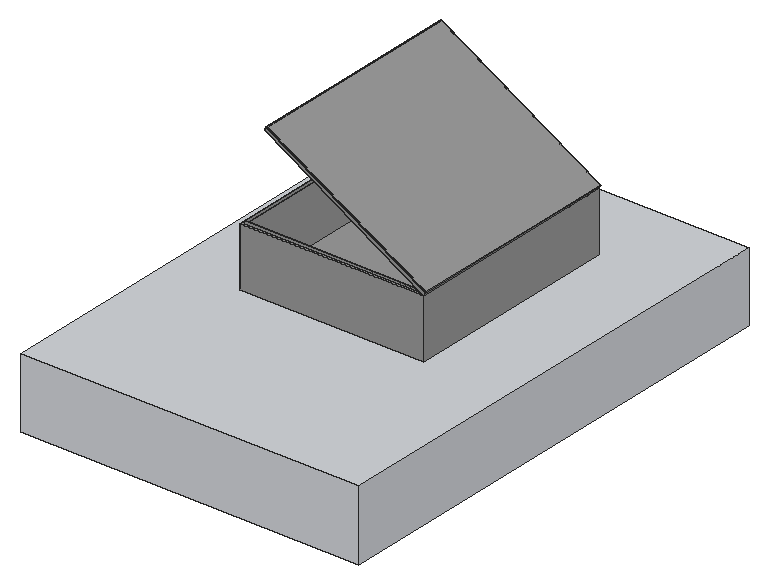
Revit family "Hager-Univers-IP55-D275-H950-Cl.II-Steel_encl-DE-de", category Equipement électrique, Revit 2020
Family settings
  Hôte = Face
  Configuration du panneau = Deux colonnes, circuits au sein
  Cote de connecteur circulaire = Utiliser le diamètre
  Type d'élément = Tableau de raccordement
  Couper avec des vides une fois chargée = Non
  Partagée = Non
  Point de calcul de pièce = Non
Parameters (values of type "Aufputz IP55 B800 H950 T275  - FR63S")
  Width Control [instance] = if([EF000008 - Breite] > Min Width, [EF000008 - Breite], Min Width)  # 800 mm
  Commentaires du type = [HG000003 - Bereich]  # "Univers"
  Thickness Door [instance] = if([EF009171 - Materialstärke Tür/Deckel] > 3 mm, 3 mm, [EF009171 - Materialstärke Tür/Deckel])  # 1.5 mm
  Seal Frame Offset [instance] = 17 mm  # constant formula
  Plinth Visibility [instance] = [HG000027 - Sockelhöhe] > 0 mm  # no
  Model = ""
  Min Width [instance] = 100 mm  # constant formula
  Min Height [instance] = 100 mm  # constant formula
  Min Depth [instance] = (2 * [EF009170 - Materialstärke Gehäuse]) + 1 mm  # 4 mm
  Internal Frame Depth [instance] = (Door System Depth * 0.5)  # 9 mm
  Height Control [instance] = if([EF000040 - Höhe] > Min Height, [EF000040 - Höhe], Min Height)  # 950 mm
  HG000027 - Sockelhöhe = 0 mm
  HG000026 - Stehend auf dem Boden = no
  HG000024 - Höhe des unteren Teils = 800 mm
  HG000023 - Gehäuse mit doppeltem Querschnitt = no
  HG000016 - 3D-Türsichtbarkeit [instance] = yes
  HG000015 - Sichtbarkeit der Türöffnung [instance] = no
  HG000014 - Tür rechts [instance] = yes
  HG000013 - Tür links [instance] = not([HG000014 - Tür rechts])  # no
  HG000012 - Türschwenkwinkel [instance] = 30.00°
  HG000010 - Asymmetrische Türen = no
  HG000009 - Doppelflügeligen Tür = no
  HG000006 - Unterputz = no
  HG000004 - Herstellerreferenz = "FR63S"
  HG000003 - Bereich = "Univers"
  HG000002 - Mit tür = yes
  Frame Offset Bottom [instance] = 10 mm  # constant formula
  Frame Offset [instance] = 15 mm  # constant formula
  EF015940 - Deckel mit Überdruckentlastung = no
  EF011959 - Schutzart (NEMA) = ""
  EF009554 - Anzahl der Öffnungen für Flanschplatten = 6
  Fabricant = "Hager"  # constant formula
  EF009212 - Ausführung Deckel = "EV000116 - geschlossen"
  EF009171 - Materialstärke Tür/Deckel = 1.5 mm
  EF009170 - Materialstärke Gehäuse = 1.5 mm
  EF008873 - Nennstrom (In) = 800 A
  EF007800 - Geeignet für Blitzschutz = no
  EF006306 - Mit Schloss = no
  EF006244 - Transparenter Deckel/Tür = no
  EF005474 - Schutzart (IP) = "EV006420 - IP55"
  EF004464 - Art der Tür = "EV002646 - Einzel"
  EF004427 - Anzahl der Module = 216
  EF004293 - Schlagfestigkeit = "EV008784 - IK10"
  EF003532 - Geeignet für Außengebrauch = no
  EF002950 - Breite in Teilungseinheiten = 24
  EF001613 - Funktionserhalt = "EV000494 - ohne"
  EF001596 - Werkstoff des Gehäuses = "EV000179 - Stahl"
  EF001131 - Innentiefe = 275 mm
  EF001088 - Anbaumöglichkeit = yes
  EF000437 - Anzahl der Leitungseinführungen = 6
  EF000339 - Art der Abdeckung = "EV004216 - Tür"
  EF000266 - Anzahl der Reihen = 6
  EF000218 - Einbautiefe = 0 mm
  EF000118 - Mit Montageplatte = no
  EF000116 - RAL-Nummer = "7035"
  EF000049 - Tiefe = 275 mm
  EF000040 - Höhe = 950 mm
  EF000008 - Breite = 800 mm
  EF000007 - Farbe = "EV000270 - grau"
  EF000003 - Montageart = "EV000384 - Aufputz"
  Door System Leaf Tolerance [instance] = 1.5 mm  # constant formula
  Door System Depth [instance] = 18 mm  # constant formula
  Door Height [instance] = Height Control - [HG000027 - Sockelhöhe]  # 950 mm
  Depth Control [instance] = if([EF000049 - Tiefe] > Min Depth, [EF000049 - Tiefe], Min Depth)  # 275 mm
  Default Elevation = 0 mm
  Connector Offset [instance] = Height Control / 2  # 475 mm
  Bottom Top Plate Trim [instance] = 1.5 mm  # constant formula
  Plinth height Ctrl [instance] = if([HG000027 - Sockelhöhe] > 0 mm, [HG000027 - Sockelhöhe], 12 mm)  # 12 mm
Types (5, lengths in mm): name | Width Control | HG000010 - Asymmetrische Türen | HG000009 - Doppelflügeligen Tür | HG000004 - Herstellerreferenz | EF009554 - Anzahl der Öffnungen für Flanschplatten | EF004464 - Art der Tür | EF004427 - Anzahl der Module | EF000437 - Anzahl der Leitungseinführungen | EF000008 - Breite
  Aufputz IP55 B1050 H950 T275  - FR64S | 1050 | no | yes | "FR64S" | 8 | "EV003602 - Doppel" | 288 | 8 | 1050
  Aufputz IP55 B1300 H950 T275  - FR65S | 1300 | yes | yes | "FR65S" | 10 | "EV003602 - Doppel" | 360 | 10 | 1300
  Aufputz IP55 B300 H950 T275  - FR61S | 300 | no | no | "FR61S" | 2 | "EV002646 - Einzel" | 72 | 2 | 300
  Aufputz IP55 B550 H950 T275  - FR62S | 550 | no | no | "FR62S" | 4 | "EV002646 - Einzel" | 144 | 4 | 550
  Aufputz IP55 B800 H950 T275  - FR63S | 800 | no | no | "FR63S" | 6 | "EV002646 - Einzel" | 216 | 6 | 800
Reference planes
  plane 1 "Center (Front/Back)": y = 0
  plane 2: z = 0
  plane 3 "Center (Left/Right)": x = 0
  plane 4: z = 275
  plane 5: y = 1.5
  plane 6: y = 475
  plane 7: y = 0
  plane 8: y = 950
  plane 9: z = 0
  plane 10: x = -385
  plane 11: x = 385
  plane 12: x = 383.5
  plane 13: x = -383.5
  plane 14: y = 948.5
  plane 15: x = -383
  plane 16: x = -400
  plane 17: x = 383
  plane 18: x = 400
  plane 19: x = 398.5
  plane 20: x = -398.5
  plane 21: y = 11.5
  plane 22: y = 950
  plane 23: y = 933.5
  plane 24: z = 257
  plane 25: z = 1.5
  plane 26: z = 255.5
  plane 27: z = 273.5
Forms (mm)
  Extrusion 1, solid
    sketch origin (0, 0, 0) x (1, 0, 0) y (0, 1, 0)
      loop
        line (-702.964, 1305) -> (-702.964, -811.445) -> (766.763, -811.445) -> (766.763, 1305) -> (-702.964, 1305)
    from 0 to -304.8
  Extrusion 2, solid, material "Hager_Steel_RAL7035_Light_Grey", visible <- "Plinth Visibility", detail levels medium+fine
    sketch origin (0, 0, 0) x (1, 0, 0) y (0, 1, 0)
      loop
        line (-400, 0) -> (400, 0) -> (400, 12) -> (-400, 12) -> (-400, 0)
    from 0 to 257
  Extrusion 3, solid, material "Hager_Steel_RAL7035_Light_Grey", detail levels medium+fine
    sketch origin (0, 0, 0) x (1, 0, 0) y (0, 1, 0)
      loop
        line (-400, 0) -> (400, 0) -> (400, 950) -> (-400, 950) -> (-400, 0)
    from 0 to 257
  Extrusion 4, void
    sketch origin (0, 0, 0) x (1, 0, 0) y (0, 1, 0)
      loop
        line (-398.5, 1.5) -> (398.5, 1.5) -> (398.5, 948.5) -> (-398.5, 948.5) -> (-398.5, 1.5)
    from 1.5 to 255.5
  Extrusion 5, void
    sketch origin (-381.607, -4572, 257) x (0, -1, 0) y (-1, 0, 0)
      loop
        line (-4583.5, 1.893) -> (-5505.5, 1.893) -> (-5505.5, -765.107) -> (-4583.5, -765.107) -> (-4583.5, 1.893)
    from 0 to 1.5 <- "EF009170 - Materialstärke Gehäuse"
  Extrusion 6, solid, material "Hager_Steel_RAL7035_Light_Grey", detail levels fine
    sketch origin (0, 0, 257) x (1, 0, 0) y (0, 1, 0)
      loop
        line (-383.5, 933.5) -> (-383.5, 11.5) -> (383.5, 11.5) -> (383.5, 933.5) -> (-383.5, 933.5)
      loop
        line (-385, 10) -> (385, 10) -> (385, 935) -> (-385, 935) -> (-385, 10)
    from 0 to 9 <- "Internal Frame Depth"
  Extrusion 7, solid, material "Hager_Steel_RAL7035_Light_Grey", detail levels coarse
    sketch origin (0, 0, 0) x (1, 0, 0) y (0, 1, 0)
      loop
        line (-400, 0) -> (400, 0) -> (400, 950) -> (-400, 950) -> (-400, 0)
    from 0 to 275
  Sweep 8, void
    path in 3D
      loop
        line (-400, 12, 0) -> (400, 12, 0) -> (400, 12, 257) -> (-400, 12, 257) -> (-400, 12, 0)
    profile origin (-400, 12, 128.5) x (-1, 0, 0) y (0, -1, 0)
      loop
        line (0, 0) -> (0, 1.5) -> (-1.5, 1.5)
        arc (-1.5, 1.5) -> (-1.061, 0.439) -> (0, 0) r 1.5
Cuts and joins
  Extrusion 4, Extrusion 5 cuts Extrusion 3
  Sweep 8 cuts Extrusion 2
Lines and regions (mm)
  Masking region 1
    outline origin (0, 0, 0) x (1, 0, 0) y (0, 0, 1)
      loop
        line (-400, 275) -> (-400, 0) -> (400, 0) -> (400, 275) -> (-400, 275)
  Masking region 2, detail levels medium+fine
    outline origin (0, 140, 0) x (0, 1, 0) y (0, 0, 1)
      loop
        line (-140, 0) -> (810, 0) -> (810, 257) -> (-140, 257) -> (-140, 0)
  Masking region 3, not visible, detail levels medium+fine
    outline origin (0, 297.922, 0) x (0, 1, 0) y (0, 0, 1)
      loop
        line (188.578, 0) -> (228.578, 0) -> (228.578, 263.5)
        arc (228.578, 263.5) -> (225.649, 270.571) -> (218.578, 273.5) r 10
        line (218.578, 273.5) -> (188.578, 273.5) -> (188.578, 0)
  Masking region 4, detail levels coarse
    outline origin (0, 0, 180) x (0, 1, 0) y (0, 0, 1)
      loop
        line (0, -180) -> (950, -180) -> (950, 95) -> (0, 95) -> (0, -180)
  Masking region 5, visible <- "Plinth Visibility", detail levels medium+fine
    outline origin (0, 52.24, 12.345) x (0, 0, -1) y (0, 1, 0)
      loop
        line (10.845, -40.24) -> (-243.155, -40.24)
        arc (-243.155, -40.24) -> (-243.594, -41.301) -> (-244.655, -41.74) r 1.5
        line (-244.655, -41.74) -> (-244.655, -52.24) -> (12.345, -52.24) -> (12.345, -41.74)
        arc (12.345, -41.74) -> (11.285, -41.301) -> (10.845, -40.24) r 1.5
  Masking region 6, detail levels medium+fine
    outline origin (-381.607, -4572, 257) x (-1, 0, 0) y (0, -1, 0)
      loop
        line (18.393, -5522) -> (18.393, -4572) -> (-781.607, -4572) -> (-781.607, -5522) -> (18.393, -5522)
  Masking region 7, visible <- "Plinth Visibility", detail levels medium+fine
    outline origin (-381.607, -4727, 257) x (-1, 0, 0) y (0, -1, 0)
      loop
        arc (16.893, -4739) -> (17.332, -4737.939) -> (18.393, -4737.5) r 1.5
        line (18.393, -4737.5) -> (18.393, -4727) -> (-781.607, -4727) -> (-781.607, -4737.5)
        arc (-781.607, -4737.5) -> (-780.546, -4737.939) -> (-780.107, -4739) r 1.5
        line (-780.107, -4739) -> (16.893, -4739)
  Masking region 8, detail levels coarse
    outline origin (-442.548, -4669.526, 257) x (-1, 0, 0) y (0, -1, 0)
      loop
        line (-42.548, -5619.526) -> (-42.548, -4669.526) -> (-842.548, -4669.526) -> (-842.548, -5619.526) -> (-42.548, -5619.526)
  sketch lines
    curve 1: line (-400, 12, 257) -> (-400, 12, 0)
    curve 2: line (400, 12, 257) -> (-400, 12, 257)
    curve 3: line (400, 12, 257) -> (400, 12, 0)
    curve 4: line (-400, 12, 0) -> (400, 12, 0)
Dimensions and locks
  "Depth Control": plane 4 to Extrusion 1
  "HG000027 - Sockelhöhe": plane 1 "Center (Front/Back)" to plane 7
  "EF009170 - Materialstärke Gehäuse": plane 5 to plane 7
  locked: connector elem to plane 3 "Center (Left/Right)"
  equal spacing: plane 8, plane 6, plane 7
  locked: connector elem to plane 6
  "EF009170 - Materialstärke Gehäuse": plane 8 to plane 14
  "EF009170 - Materialstärke Gehäuse": plane 10 to plane 13
  "EF009170 - Materialstärke Gehäuse": plane 12 to plane 11
  "Frame Offset": plane 20 to plane 13
  "Frame Offset": plane 12 to plane 19
  "EF009170 - Materialstärke Gehäuse": plane 16 to plane 20
  "EF009170 - Materialstärke Gehäuse": plane 19 to plane 18
  "Seal Frame Offset": plane 16 to plane 15
  "Seal Frame Offset": plane 17 to plane 18
  "Frame Offset Bottom": plane 21 to plane 5
  "Frame Offset": plane 14 to plane 23
  equal spacing: plane 16, plane 3 "Center (Left/Right)", plane 18
  "Width Control": plane 16 to plane 18
  "EF009170 - Materialstärke Gehäuse": plane 4 to plane 27
  "EF009170 - Materialstärke Gehäuse": plane 24 to plane 26
  "EF009170 - Materialstärke Gehäuse": plane 25 to level
  "Door System Depth": plane 4 to plane 24
  "Height Control": plane 1 "Center (Front/Back)" to Extrusion 7 sketch curve
  "Height Control": Masking region 4 sketch curve to plane 1 "Center (Front/Back)"
  "Height Control": plane 1 "Center (Front/Back)" to plane 22
  "Bottom Top Plate Trim": profile plane to Sweep 8 sketch curve
  "Bottom Top Plate Trim": Sweep 8 sketch curve to profile plane
  "Plinth height Ctrl": plane 1 "Center (Front/Back)" to Extrusion 2 sketch curve
  "Plinth height Ctrl": Masking region 5 sketch curve to plane 1 "Center (Front/Back)"
  "Plinth height Ctrl": plane 1 "Center (Front/Back)" to Masking region 7 sketch curve
  "Thickness Door": Extrusion 6 sketch curve to Extrusion 6 sketch curve  (x3)
  "Thickness Door": cut or joined group of Extrusion 3, Extrusion 4, Extrusion 5 to Extrusion 6 sketch curve
  radius of Masking region 3 sketch curve = 10 mm
  "Bottom Top Plate Trim": radius of Masking region 5 sketch curve  (x2)
  "Bottom Top Plate Trim": radius of Sweep 8 sketch curve
  "Bottom Top Plate Trim": radius of Masking region 7 sketch curve  (x2)
  aligned and locked: plane 2 to Extrusion 1
  aligned and locked: level to Extrusion 1
  aligned and locked: level to Masking region 1 sketch curve
  aligned and locked: Masking region 1 sketch curve to plane 18
  aligned and locked: Masking region 1 sketch curve to plane 16
  aligned and locked: plane 7 to Masking region 2 sketch curve
  aligned and locked: level to Masking region 3 sketch curve
  aligned and locked: Masking region 3 sketch curve to plane 27
  aligned and locked: level to Masking region 2 sketch curve
  aligned and locked: plane 1 "Center (Front/Back)" to Extrusion 2 sketch curve
  aligned and locked: Extrusion 3 sketch curve to plane 7
  aligned and locked: plane 16 to Extrusion 3 sketch curve
  aligned and locked: plane 18 to Extrusion 3 sketch curve
  aligned and locked: plane 20 to Extrusion 4 sketch curve
  aligned and locked: plane 19 to Extrusion 4 sketch curve
  aligned and locked: Extrusion 4 sketch curve to plane 5
  aligned and locked: Extrusion 4 to plane 25
  aligned and locked: plane 26 to Extrusion 4
  aligned and locked: plane 24 to Extrusion 3
  aligned and locked: Extrusion 5 sketch curve to plane 21
  aligned and locked: Extrusion 5 sketch curve to plane 13
  aligned and locked: Extrusion 5 sketch curve to plane 12
  aligned and locked: plane 18 to Extrusion 7 sketch curve
  aligned and locked: plane 1 "Center (Front/Back)" to Extrusion 7 sketch curve
  aligned and locked: plane 16 to Extrusion 7 sketch curve
  aligned and locked: plane 4 to Extrusion 7
  aligned and locked: Extrusion 7 to level
  aligned and locked: level to Masking region 4 sketch curve
  aligned and locked: Masking region 4 sketch curve to plane 1 "Center (Front/Back)"
  aligned and locked: Masking region 4 sketch curve to plane 4
  aligned and locked: nested 1 to level
  aligned and locked: nested 1 to plane 16
  aligned and locked: plane 8 to Extrusion 3 sketch curve
  aligned and locked: plane 23 to Extrusion 5 sketch curve
  aligned and locked: plane 14 to Extrusion 4 sketch curve
  aligned and locked: Masking region 2 sketch curve to plane 8
  aligned and locked: level to Masking region 5 sketch curve
  aligned and locked: plane 16 to Extrusion 2 sketch curve
  aligned and locked: plane 18 to Extrusion 2 sketch curve
  aligned and locked: Masking region 5 sketch curve to plane 24
  aligned and locked: Masking region 2 sketch curve to plane 24
  aligned and locked: plane 24 to Extrusion 2
  aligned and locked: profile plane to Sweep 8 sketch curve  (x2)
  aligned and locked: Masking region 6 sketch curve to plane 18
  aligned and locked: Masking region 6 sketch curve to plane 22
  aligned and locked: Masking region 6 sketch curve to plane 16
  aligned and locked: plane 8 to plane 22
  aligned and locked: Masking region 6 sketch curve to plane 7
  aligned and locked: Masking region 7 sketch curve to plane 16
  aligned and locked: Masking region 7 sketch curve to plane 1 "Center (Front/Back)"
  aligned and locked: Masking region 7 sketch curve to plane 18
  aligned and locked: Masking region 8 sketch curve to plane 1 "Center (Front/Back)"
  aligned and locked: Masking region 8 sketch curve to plane 18
  aligned and locked: Masking region 8 sketch curve to plane 22
  aligned and locked: Masking region 8 sketch curve to plane 16
  aligned and locked: nested 2 to plane 7
  aligned and locked: plane 3 "Center (Left/Right)" to nested 2
  aligned and locked: nested 2 to plane 24
  aligned and locked: Extrusion 6 sketch curve to cut or joined group of Extrusion 3, Extrusion 4, Extrusion 5  (x4)
Automatic sketch dimensions
  Extrusion 1 sketch curve to Extrusion 1 sketch curve = 1469.727 mm
  Extrusion 1 sketch curve to Extrusion 1 sketch curve = 2116.445 mm
  Masking region 1 sketch curve to plane 4 = 0 mm
  plane 6 to Masking region 3 sketch curve = 11.5 mm
  Masking region 3 sketch curve to Masking region 3 sketch curve = 30 mm
  Masking region 5 sketch curve to plane 1 "Center (Front/Back)" = 0 mm
Nested families
  nested 1: "Hager_Enclosure_Symbol" at (-400, 0, 0) x (1, 0, 0) z (0, -1, 0), Height <- "Depth Control", Width <- "Width Control", type "Hager_Enclosure_Symbol"
    with Width_Ctrl 800 mm, Width 800 mm, Height_Ctrl 275 mm, Height 275 mm, A_Width_Int 18.047 mm, A_Width 216.562 mm, A_Height_Ctrl 240.625 mm, A_Height 240.625 mm
  nested 2: "EC000058_Univers_Door" at (0, 0, 257) x (1, 0, 0) z (0, 1, 0), Leaf_Tolerance <- "Door System Leaf Tolerance", Angle <- "HG000012 - Türschwenkwinkel", Door_Depth <- "Door System Depth", Door_Left <- "HG000013 - Tür links", Transparent <- "EF006244 - Transparenter Deckel/Tür", Assymetrical <- "HG000010 - Asymmetrische Türen", Width <- "Width Control", Clearance <- "HG000015 - Sichtbarkeit der Türöffnung", Double <- "HG000009 - Doppelflügeligen Tür", 3d_Door <- "HG000016 - 3D-Türsichtbarkeit", Lock_Visibility <- "EF006306 - Mit Schloss", Width_Ctrl <- "Width Control", Door_Right <- "HG000014 - Tür rechts", Door <- "HG000002 - Mit tür", Height <- "Door Height", Thickness <- "Thickness Door", type "EC000058_Univers_Door", detail levels medium+fine
    with min_wh 4 mm, Width_Ctrl 800 mm, Width 800 mm, Transparent no, Thickness 1.5 mm, Seal_Material Hager_Rubber, Lock_Visibility no, Lock_Material Hager_Plastic_RAL9005_Jet_Black, Leaf_Width 800 mm, Leaf_Tolerance_External_Sides 0 mm, Leaf_Tolerance 1.5 mm, Leaf_Offset 0 mm, Leaf_Height 947 mm, Leaf_2_Width 800 mm, Leaf_2_Offset 400 mm, Leaf_1_Width 800 mm, Leaf_1_Offset 400 mm, Height_Ctrl 950 mm, Height 950 mm, Glass_Material Hager_Glass, Double_Clearance_Ctrl no, Double no, Door_Right_Ctrl yes, Door_Right yes, Door_Material Hager_Steel_RAL7035_Light_Grey, Door_Left_Ctrl no, Door_Left no, Door_Depth 18 mm, Door yes, Clearance_Material Hager_Clearance, Clearance_Depth 800 mm, Clearance_Ctrl no, Clearance no, Assymetrical no, Angle 30.00°, 3d_Door yes
Connectors
  electrical at (0, 475, 0)
    settings: on plane 9, index 1, voltage 0 V, apparent load 0 VA, apparent load phase1 0 VA, apparent load phase2 0 VA, apparent load phase3 0 VA, power factor 1, load classification "Other", number of poles 1, system type 30, power factor state 1, is connector primary yes, connector utility no, sub classification motor no, connector description ""
Definition of nested family "EC000058_Univers_Door"
  Parameters (values of type "EC000058_Univers_Door")
    min_wh [instance] = (2 * Thickness) + 1 mm  # 11 mm
    Width_Ctrl [instance] = 400 mm
    Width [instance] = 500 mm
    Transparent [instance] = yes
    Thickness [instance] = 5 mm
    Seal_Material [instance] = none
    Lock_Visibility [instance] = yes
    Lock_Material [instance] = none
    Leaf_Width [instance] = if((Width_Ctrl - 2 * Leaf_Tolerance_External_Sides) > 0 mm, (Width_Ctrl - 2 * Leaf_Tolerance_External_Sides), min_wh)  # 400 mm
    Leaf_Tolerance_External_Sides [instance] = 0 mm  # constant formula
    Leaf_Tolerance [instance] = 1.5 mm
    Leaf_Offset [instance] = 0 mm  # constant formula
    Leaf_Height [instance] = if((Height_Ctrl - 2 * Leaf_Tolerance) > 0 mm, (Height_Ctrl - 2 * Leaf_Tolerance), min_wh)  # 497 mm
    Leaf_2_Width [instance] = if(and(and(Double, Assymetrical), Door_Left), (Leaf_Width / 3) - (Leaf_Tolerance / 2), if(and(and(Double, Assymetrical), Door_Right), (Leaf_Width / 3) * 2 - (Leaf_Tolerance / 2), if(and(Double, not(Assymetrical)), (Leaf_Width / 2) - Leaf_Tolerance, Leaf_Width)))  # 400 mm
    Leaf_2_Offset [instance] = if(and(Double, Assymetrical), Leaf_2_Width / 2, if(and(Double, not(Assymetrical)), Leaf_Width / 4, Leaf_Width / 2))  # 200 mm
    Leaf_1_Width [instance] = if(and(and(Double, Assymetrical), Door_Right), (Leaf_Width / 3) - (Leaf_Tolerance / 2), if(and(and(Double, Assymetrical), Door_Left), (Width / 3) * 2 - (Leaf_Tolerance / 2), if(and(Double, not(Assymetrical)), (Leaf_Width / 2) - Leaf_Tolerance, Leaf_Width)))  # 400 mm
    Leaf_1_Offset [instance] = if(and(Double, Assymetrical), Leaf_1_Width / 2, if(and(Double, not(Assymetrical)), Leaf_Width / 4, Leaf_Width / 2))  # 200 mm
    Height_Ctrl [instance] = if(Height > min_wh, Height, min_wh)  # 500 mm
    Height [instance] = 500 mm
    Glass_Material [instance] = none
    Double_Clearance_Ctrl [instance] = and(Double, Clearance)  # no
    Double [instance] = no
    Door_Right_Ctrl [instance] = and(or(Door_Right, Double), Door)  # yes
    Door_Right [instance] = yes
    Door_Material [instance] = none
    Door_Left_Ctrl [instance] = and(or(Door_Left, Double), Door)  # no
    Door_Left [instance] = no
    Door_Depth [instance] = 30 mm
    Door [instance] = yes
    Default Elevation = 1219.2 mm
    Clearance_Material [instance] = none
    Clearance_Depth [instance] = if(Leaf_1_Width > Leaf_2_Width, Leaf_1_Width, Leaf_2_Width)  # 400 mm
    Clearance_Ctrl [instance] = and(not(Double), Clearance)  # yes
    Clearance [instance] = yes
    Assymetrical [instance] = yes
    Angle [instance] = 30.00°
    3d_Door [instance] = yes
  Reference planes
    plane 1 "Center (Front/Back)": y = 0
    plane 2 "Bottom": z = 0
    plane 3 "Center (Left/Right)": x = 0
    plane 4: z = 500
    plane 5: x = -200
    plane 6: x = 200
    plane 7: z = 500
    plane 8: x = -200
    plane 9: z = 0
    plane 10: x = 200
    plane 11: y = 0
    plane 12: z = 1.5
    plane 13: x = -600
    plane 14: y = -400
    plane 15: x = 600
    plane 16: x = 0
    plane 17: x = 0
    plane 18: x = -200
    plane 19: x = 200
    plane 20: z = 498.5
  Forms (mm)
    Extrusion 1, solid, material <- "Clearance_Material", visible <- "Double_Clearance_Ctrl"
      sketch origin (1200, 0, 0) x (1, 0, 0) y (0, 0, -1)
        loop
          line (-1800, -498.5) -> (-600, -498.5) -> (-600, 0) -> (-1800, 0) -> (-1800, -498.5)
      from 0 to -400
  Dimensions and locks
    equal spacing: plane 5, plane 3 "Center (Left/Right)", plane 6
    "Width_Ctrl": plane 5 to plane 6
    "Leaf_Offset": plane 5 to plane 8
    "Leaf_Offset": plane 6 to plane 10
    "Leaf_Offset": plane 9 to level
    "Leaf_Offset": plane 4 to plane 7
    "Height_Ctrl": plane 4 to level
    "Leaf_Tolerance": plane 12 to plane 9
    locked: plane 11 to plane 1 "Center (Front/Back)"
    "Leaf_1_Offset": plane 18 to plane 16
    "Leaf_2_Offset": plane 17 to plane 19
    "Leaf_1_Width": plane 13 to plane 8
    "Leaf_2_Width": plane 10 to plane 15
    "Clearance_Depth": plane 14 to plane 1 "Center (Front/Back)"
    "Leaf_Tolerance_External_Sides": plane 8 to plane 18
    "Leaf_Tolerance_External_Sides": plane 19 to plane 10
    "Leaf_Tolerance": plane 7 to plane 20
    aligned and locked: level to plane 2 "Bottom"
    aligned and locked: nested 1 to plane 16
    aligned and locked: nested 2 to plane 17
    aligned and locked: Extrusion 1 to plane 13
    aligned and locked: plane 15 to Extrusion 1
    aligned and locked: Extrusion 1 to plane 14
    aligned and locked: plane 12 to nested 1
    aligned and locked: nested 2 to plane 12
    aligned and locked: Extrusion 1 to plane 11
    aligned and locked: plane 20 to Extrusion 1
    aligned and locked: nested 2 to plane 11
    aligned and locked: nested 1 to plane 11
  Automatic sketch dimensions
    Extrusion 1 sketch curve to level = 0 mm
    plane 5 to Extrusion 1 sketch curve = 400 mm
    plane 6 to Extrusion 1 sketch curve = 400 mm
    Extrusion 1 sketch curve to plane 4 = 1.5 mm
  Nested families
    nested 1: "EC000058_Univers_Door_Leaf" at (0, 0, 1.5), Width <- "Leaf_1_Width", visible <- "Door_Left_Ctrl", Leaf_Height <- "Leaf_Height", Angle <- "Angle", 3d_Door <- "3d_Door", Transparent <- "Transparent", Clearance Material <- "Clearance_Material", Clearance <- "Clearance_Ctrl", Door_Material <- "Door_Material", Glass_Material <- "Glass_Material", Door_Depth <- "Door_Depth", Lock_Material <- "Lock_Material", Seal_Material <- "Seal_Material", Lock_Visibility <- "Lock_Visibility", Thickness <- "Thickness", type "EC000058_Univers_Door_Leaf"
      with Width 400 mm, Transparent_Glass_Offset 30 mm, Transparent_Ctrl yes, Transparent yes, Thickness 5 mm, Standard no, Seal_Material none, Seal_D2 8 mm, Seal_D1 1 mm, Offset_Internal_Frame 10 mm, Lock_Width 20 mm, Lock_Visibility_3d yes, Lock_Visibility yes, Lock_Thickness_3 3 mm, Lock_Thickness_2 1 mm, Lock_Thickness_1 3 mm, Lock_Radius_Offset_2 16 mm, Lock_Radius_Offset_1 15 mm, Lock_Radius_2 5 mm, Lock_Radius 6 mm, Lock_Offset 5 mm, Lock_Material none, Lock_Height 80 mm, Lock_Cover_Top_Offset_2d 17 mm, Lock_Cover_Height -65 mm, Leaf_Height 497 mm, Internal_Seal_Thickness 8 mm, Internal_Seal_Depth_2 4.5 mm, Internal_Frame_Depth 25 mm, Glass_Thickness -1 mm, Glass_Offset -2 mm, Glass_Material none, Door_Material none, Door_Depth 30 mm, Clearance Material none, Clearance yes, Angle_Ctrl 30.00°, Angle 30.00°, 3d_Door yes
    nested 2: "EC000058_Univers_Door_Leaf" at (0, 0, 1.5) x (-1, 0, 0) z (0, 0, 1), Width <- "Leaf_2_Width", visible <- "Door_Right_Ctrl", Leaf_Height <- "Leaf_Height", Angle <- "Angle", 3d_Door <- "3d_Door", Transparent <- "Transparent", Clearance Material <- "Clearance_Material", Clearance <- "Clearance_Ctrl", Door_Material <- "Door_Material", Glass_Material <- "Glass_Material", Door_Depth <- "Door_Depth", Lock_Material <- "Lock_Material", Seal_Material <- "Seal_Material", Lock_Visibility <- "Lock_Visibility", Thickness <- "Thickness", type "EC000058_Univers_Door_Leaf"
      with Width 400 mm, Transparent_Glass_Offset 30 mm, Transparent_Ctrl yes, Transparent yes, Thickness 5 mm, Standard no, Seal_Material none, Seal_D2 8 mm, Seal_D1 1 mm, Offset_Internal_Frame 10 mm, Lock_Width 20 mm, Lock_Visibility_3d yes, Lock_Visibility yes, Lock_Thickness_3 3 mm, Lock_Thickness_2 1 mm, Lock_Thickness_1 3 mm, Lock_Radius_Offset_2 16 mm, Lock_Radius_Offset_1 15 mm, Lock_Radius_2 5 mm, Lock_Radius 6 mm, Lock_Offset 5 mm, Lock_Material none, Lock_Height 80 mm, Lock_Cover_Top_Offset_2d 17 mm, Lock_Cover_Height -65 mm, Leaf_Height 497 mm, Internal_Seal_Thickness 8 mm, Internal_Seal_Depth_2 4.5 mm, Internal_Frame_Depth 25 mm, Glass_Thickness -1 mm, Glass_Offset -2 mm, Glass_Material none, Door_Material none, Door_Depth 30 mm, Clearance Material none, Clearance yes, Angle_Ctrl 30.00°, Angle 30.00°, 3d_Door yes
  Definition of nested family "EC000058_Univers_Door_Leaf"
    Parameters (values of type "EC000058_Univers_Door_Leaf")
      Width [instance] = 2000 mm
      Transparent_Glass_Offset [instance] = 30 mm
      Transparent_Ctrl [instance] = and(Transparent, [3d_Door])  # yes
      Transparent [instance] = yes
      Thickness [instance] = 5 mm
      Standard [instance] = and(not(Transparent), [3d_Door])  # no
      Seal_Material [instance] = none
      Seal_D2 [instance] = 8 mm  # constant formula
      Seal_D1 [instance] = 1 mm  # constant formula
      Offset_Internal_Frame [instance] = 10 mm  # constant formula
      Lock_Width [instance] = 20 mm  # constant formula
      Lock_Visibility_3d [instance] = and(Lock_Visibility, [3d_Door])  # yes
      Lock_Visibility [instance] = yes
      Lock_Thickness_3 [instance] = 3 mm  # constant formula
      Lock_Thickness_2 [instance] = 1 mm  # constant formula
      Lock_Thickness_1 [instance] = 3 mm  # constant formula
      Lock_Radius_Offset_2 [instance] = Lock_Radius_Offset_1 + 1 mm  # 16 mm
      Lock_Radius_Offset_1 [instance] = 15 mm  # constant formula
      Lock_Radius_2 [instance] = Lock_Radius - 1 mm  # 5 mm
      Lock_Radius [instance] = 6 mm  # constant formula
      Lock_Offset [instance] = 5 mm  # constant formula
      Lock_Material [instance] = none
      Lock_Height [instance] = 80 mm  # constant formula
      Lock_Cover_Top_Offset_2d [instance] = Lock_Radius_Offset_2 + 1 mm  # 17 mm
      Lock_Cover_Height [instance] = -(Lock_Height - Lock_Radius_Offset_1)  # -65 mm
      Leaf_Height [instance] = 2720.336 mm
      Internal_Seal_Thickness [instance] = 8 mm  # constant formula
      Internal_Seal_Depth_2 [instance] = 4.5 mm  # constant formula
      Internal_Frame_Depth [instance] = if(Door_Depth - Thickness > 5 mm, Door_Depth - Thickness, 5 mm)  # 25 mm
      Glass_Thickness [instance] = if(Thickness > 15 mm, Glass_Offset + 10 mm, -1 mm)  # -1 mm
      Glass_Offset [instance] = if(Thickness > 15 mm, -(Thickness + 10 mm) / 2, -2 mm)  # -2 mm
      Glass_Material [instance] = none
      Door_Material [instance] = none
      Door_Depth [instance] = 30 mm
      Default Elevation = 0 mm
      Clearance Material [instance] = none
      Clearance [instance] = yes
      Angle_Ctrl [instance] = if(Angle > 180.00°, 180.00°, Angle)  # 90.00°
      Angle [instance] = 90.00°
      3d_Door [instance] = yes
    Reference planes
      plane 1 "Center (Front/Back)": y = 0
      plane 2: z = 0
      plane 3 "Center (Left/Right)": x = 0
      plane 4: y = 2000
      plane 5: x = -1000
      plane 6: x = 1000
      plane 7: x = -3000
      plane 8: z = 2720.336
      plane 9: z = 30
      plane 10: z = 2690.336
      plane 11: x = 970
      plane 12: x = -970
      plane 13: y = -3
      plane 14: z = 107.833
      plane 15: y = -5
      plane 16: y = -223.314
      plane 17: x = -1000
      plane 18: z = 1360.168
      plane 19: y = 30
    Forms (mm)
      Extrusion 1, solid, material <- "Clearance Material", visible <- "Clearance"
        sketch origin (0, 0, 0) x (1, 0, 0) y (0, 0, 1)
          loop
            line (-3000, 2720.336) -> (-3000, 0) -> (1000, 0) -> (1000, 2720.336) -> (-3000, 2720.336)
        from 0 to -2000
      Extrusion 2, solid, material <- "Door_Material", visible <- "Standard", detail levels medium+fine
        sketch origin (-1000, 0, 0) x (0, 1, 0) y (-1, 0, 0)
          loop
            line (0, 30) -> (0, 25) -> (2000, 25) -> (2000, 30) -> (0, 30)
        from 0 to 2720.336 <- "Leaf_Height"
      Extrusion 3, solid, material <- "Door_Material", visible <- "Transparent_Ctrl", detail levels medium+fine
        sketch origin (-1000, 0, 0) x (0, 1, 0) y (-1, 0, 0)
          loop
            line (0, 25) -> (2000, 25) -> (2000, 30) -> (0, 30) -> (0, 25)
        from 0 to 2720.336 <- "Leaf_Height"
      Extrusion 4, void
        sketch origin (-1025, 2000, 0) x (0, 1, 0) y (0, 0, -1)
          loop
            line (-30, -2690.336) -> (-30, -30) -> (-1970, -30) -> (-1970, -2690.336) -> (-30, -2690.336)
        from 0 to 5 <- "Thickness"
      Sweep 5, solid, material <- "Seal_Material", visible <- "Transparent_Ctrl", detail levels fine
        path in 3D
          loop
            line (-1025, 30, 30) -> (-1025, 30, 2690.336) -> (-1025, 1970, 2690.336) -> (-1025, 1970, 30) -> (-1025, 30, 30)
        profile origin (-1025, 1000, 30) x (1, 0, 0) y (0, 0, 1)
          loop
            line (0, 0) -> (0, -8) -> (1, -8) -> (1, 0) -> (0, 0)
      Extrusion 6, solid, material <- "Glass_Material", visible <- "Transparent_Ctrl", detail levels medium+fine
        sketch origin (-1030, 0, 0) x (0, 1, 0) y (0, 0, -1)
          loop
            line (1970, -2690.336) -> (1970, -30) -> (30, -30) -> (30, -2690.336) -> (1970, -2690.336)
        from -2 <- "Glass_Offset" to -1 <- "Glass_Thickness"
      Extrusion 7, solid, material <- "Door_Material", visible <- "3d_Door", detail levels medium+fine
        sketch origin (-1025, 2000, 0) x (0, -1, 0) y (0, 0, -1)
          loop
            line (0, -2720.336) -> (2000, -2720.336) -> (2000, 0) -> (0, 0) -> (0, -2720.336)
          loop
            line (1995, -5) -> (5, -5) -> (5, -2715.336) -> (1995, -2715.336) -> (1995, -5)
        from 0 to 25 <- "Internal_Frame_Depth"
      Sweep 8, solid, material <- "Seal_Material", visible <- "Transparent_Ctrl", detail levels fine
        path in 3D
          loop
            line (-1025, 0, 0) -> (-1025, 2000, 0) -> (-1025, 2000, 2720.336) -> (-1025, 0, 2720.336) -> (-1025, 0, 0)
        profile origin (-1025, 0, 1360.168) x (1, 0, 0) y (0, 1, 0)
          loop
            line (0, 10) -> (2.975, 10)
            arc (2.975, 10) -> (4.053, 10.447) -> (4.5, 11.525) r 1.525
            line (4.5, 11.525) -> (4.5, 16.527)
            arc (4.5, 16.527) -> (4.069, 17.569) -> (3.027, 18) r 1.473
            line (3.027, 18) -> (0, 18) -> (0, 10)
      Extrusion 9, solid, material <- "Lock_Material", visible <- "Lock_Visibility_3d", detail levels fine
        sketch origin (-1030, 0, 0) x (0, 1, 0) y (0, 0, -1)
          loop
            arc (1993.5, -1400.168) -> (1994.561, -1399.729) -> (1995, -1398.668) r 1.5
            line (1995, -1398.668) -> (1995, -1320.168) -> (1975, -1320.168) -> (1975, -1398.668)
            arc (1975, -1398.668) -> (1975.439, -1399.729) -> (1976.5, -1400.168) r 1.5
            line (1976.5, -1400.168) -> (1993.5, -1400.168)
        from 3 <- "Lock_Thickness_1" to 0
      Blend 10, solid, material <- "Lock_Material", visible <- "Lock_Visibility_3d", detail levels fine
        base sketch origin (-1033, 0, 0) x (0, 1, 0) y (0, 0, -1)
          loop
            line (1975, -1320.168) -> (1975, -1398.668)
            arc (1975, -1398.668) -> (1975.439, -1399.729) -> (1976.5, -1400.168) r 1.5
            line (1976.5, -1400.168) -> (1993.5, -1400.168)
            arc (1993.5, -1400.168) -> (1994.561, -1399.729) -> (1995, -1398.668) r 1.5
            line (1995, -1398.668) -> (1995, -1320.168) -> (1975, -1320.168)
        top sketch origin (-1033, 0, 0) x (0, 1, 0) y (0, 0, -1)
          loop
            line (1976, -1320.168) -> (1976, -1398.668)
            arc (1976, -1398.668) -> (1976.146, -1399.022) -> (1976.5, -1399.168) r 0.5
            line (1976.5, -1399.168) -> (1993.5, -1399.168)
            arc (1993.5, -1399.168) -> (1993.854, -1399.022) -> (1994, -1398.668) r 0.5
            line (1994, -1398.668) -> (1994, -1320.168) -> (1976, -1320.168)
        from 0 to 1 <- "Lock_Thickness_2"
      Blend 11, solid, material <- "Lock_Material", visible <- "Lock_Visibility_3d", detail levels fine
        base sketch origin (-1034, 0, 0) x (0, 1, 0) y (0, 0, -1)
          loop
            line (1978, -1320.168) -> (1978, -1384.168)
            arc (1978, -1384.168) -> (1985, -1391.168) -> (1992, -1384.168) r 7
            line (1992, -1384.168) -> (1992, -1320.168) -> (1978, -1320.168)
        top sketch origin (-1034, 0, 0) x (0, 1, 0) y (0, 0, -1)
          loop
            line (1991, -1320.168) -> (1979, -1320.168) -> (1979, -1383.168)
            arc (1979, -1383.168) -> (1985, -1389.168) -> (1991, -1383.168) r 6
            line (1991, -1383.168) -> (1991, -1320.168)
        from 0 to 3 <- "Lock_Thickness_3"
      Extrusion 12, solid, material <- "Lock_Material", visible <- "Lock_Visibility_3d", detail levels fine
        sketch origin (-1030, 1975, 1320.168) x (1, 0, 0) y (0, -1, 0)
          loop
            line (-7, -19) -> (-7, -1) -> (0, -1) -> (0, 0) -> (-8, 0) -> (-8, -20) -> (0, -20) -> (0, -19) -> (-7, -19)
        from 0 to -65 <- "Lock_Cover_Height"
      Extrusion 13, void
        sketch origin (-1038, 1995, 1320.168) x (-1, 0, 0) y (0, 0, -1)
          loop
            line (-5, -65) -> (0, -65) -> (-5, -60) -> (-5, -65)
        from 0 to 20 <- "Lock_Width"
      Extrusion 14, void
        sketch origin (-1038, 1975, 1320.168) x (0, -1, 0) y (0, 0, -1)
          loop
            circle (-10, -15.995) r 6
          loop
            circle (-10, -15.995) r 5
        from 0 to 2
      Extrusion 15, solid, material <- "Lock_Material", visible <- "Lock_Visibility_3d", detail levels medium
        sketch origin (-1030, 0, 0) x (0, 1, 0) y (0, 0, -1)
          loop
            arc (1993.5, -1400.168) -> (1994.561, -1399.729) -> (1995, -1398.668) r 1.5
            line (1995, -1398.668) -> (1995, -1320.168) -> (1975, -1320.168) -> (1975, -1398.668)
            arc (1975, -1398.668) -> (1975.439, -1399.729) -> (1976.5, -1400.168) r 1.5
            line (1976.5, -1400.168) -> (1993.5, -1400.168)
        from 8 to 0
    Cuts and joins
      Extrusion 4 cuts Extrusion 3
      Extrusion 13, Extrusion 14 cuts Extrusion 9
      Extrusion 14 cuts Blend 11
      Extrusion 13, Extrusion 14 cuts Extrusion 12
      joined: Extrusion 9, Blend 10, Blend 11, Extrusion 12
      Extrusion 14 cuts Extrusion 15
    Lines and regions (mm)
      Masking region 1, visible <- "Lock_Visibility", detail levels fine
        outline origin (0, 0, 0) x (0, 1, 0) y (0, 0, 1)
          loop
            line (30, 1320.168) -> (33, 1320.168) -> (33, 1400.168) -> (30, 1400.168) -> (30, 1320.168)
      Masking region 2, visible <- "Lock_Visibility", detail levels fine
        outline origin (0, 3.143, 0) x (0, 1, 0) y (0, 0, 1)
          loop
            line (29.857, 1354.168) -> (30.857, 1354.168) -> (30.857, 1366.168) -> (29.857, 1366.168) -> (29.857, 1354.168)
      Masking region 3, detail levels medium+fine
        outline origin (0, 0, 0) x (0, 1, 0) y (0, 0, 1)
          loop
            line (0, 0) -> (30, 0) -> (30, 2720.336) -> (0, 2720.336) -> (0, 0)
      Masking region 4, detail levels medium+fine
        outline origin (0, 0, 0) x (1, 0, 0) y (0, 0, 1)
          loop
            line (-1000, 2720.336) -> (-1000, 0) -> (1000, 0) -> (1000, 2720.336) -> (-1000, 2720.336)
      Masking region 5, visible <- "Lock_Visibility", detail levels fine
        outline origin (-47.116, 0, 0) x (1, 0, 0) y (0, 0, 1)
          loop
            arc (1024.616, 1399.168) -> (1023.556, 1398.729) -> (1023.116, 1397.668) r 1.5
            line (1023.116, 1397.668) -> (1023.116, 1320.168) -> (1041.116, 1320.168) -> (1041.116, 1397.668)
            arc (1041.116, 1397.668) -> (1040.677, 1398.729) -> (1039.616, 1399.168) r 1.5
            line (1039.616, 1399.168) -> (1024.616, 1399.168)
      Masking region 6, visible <- "Lock_Visibility", detail levels medium+fine
        outline origin (-25, 0, 0) x (1, 0, 0) y (0, 0, 1)
          loop
            arc (1001.5, 1400.168) -> (1000.439, 1399.729) -> (1000, 1398.668) r 1.5
            line (1000, 1398.668) -> (1000, 1320.168) -> (1020, 1320.168) -> (1020, 1398.668)
            arc (1020, 1398.668) -> (1019.561, 1399.729) -> (1018.5, 1400.168) r 1.5
            line (1018.5, 1400.168) -> (1001.5, 1400.168)
      Masking region 7, visible <- "Lock_Visibility", detail levels fine
        outline origin (-73.735, 0, 0) x (1, 0, 0) y (0, 0, 1)
          loop
            line (1051.735, 1382.168) -> (1065.735, 1382.168) -> (1065.735, 1384.168)
            arc (1065.735, 1384.168) -> (1058.735, 1391.168) -> (1051.735, 1384.168) r 7
            line (1051.735, 1384.168) -> (1051.735, 1382.168)
      Masking region 8, visible <- "Lock_Visibility", detail levels fine
        outline origin (-73.735, 0, 0) x (1, 0, 0) y (0, 0, 1)
          loop
            line (1052.735, 1382.168) -> (1064.735, 1382.168) -> (1064.735, 1383.168)
            arc (1064.735, 1383.168) -> (1058.735, 1389.168) -> (1052.735, 1383.168) r 6
            line (1052.735, 1383.168) -> (1052.735, 1382.168)
      Masking region 9, visible <- "Lock_Visibility", detail levels fine
        outline origin (-25, 0, 0) x (1, 0, 0) y (0, 0, 1)
          loop
            line (1020, 1320.168) -> (1020, 1382.168) -> (1000, 1382.168) -> (1000, 1320.168) -> (1020, 1320.168)
      Masking region 10, detail levels medium+fine
        outline origin (0, 0, 0) x (1, 0, 0) y (0, 0, 1)
          loop
            circle (985, 1335.144) r 6
      Masking region 11, detail levels fine
        outline origin (0, 0, 0) x (1, 0, 0) y (0, 0, 1)
          loop
            circle (985, 1335.144) r 5
      Masking region 12, visible <- "Lock_Visibility", detail levels fine
        outline origin (0, 12.767, 0) x (0, 1, 0) y (0, 0, 1)
          loop
            line (20.233, 1320.168) -> (21.233, 1320.168) -> (21.233, 1399.168) -> (20.233, 1400.168) -> (20.233, 1320.168)
      Masking region 13, visible <- "Lock_Visibility", detail levels fine
        outline origin (0, 13.767, -10) x (0, 1, 0) y (0, 0, 1)
          loop
            line (20.233, 1330.168) -> (23.233, 1330.168) -> (23.233, 1399.168) -> (20.233, 1402.168) -> (20.233, 1330.168)
      Masking region 14, visible <- "Lock_Visibility", detail levels fine
        outline origin (0, 12.767, -10) x (0, 1, 0) y (0, 0, 1)
          loop
            line (20.233, 1330.168) -> (25.233, 1330.168) -> (25.233, 1399.305) -> (20.233, 1394.305) -> (20.233, 1330.168)
      Masking region 15, visible <- "Lock_Visibility", detail levels medium
        outline origin (0, 0, 0) x (0, 1, 0) y (0, 0, 1)
          loop
            line (30, 1320.168) -> (38, 1320.168) -> (38, 1400.168) -> (30, 1400.168) -> (30, 1320.168)
      Masking region 16, visible <- "Lock_Visibility", detail levels fine
        outline origin (-1000, 0, 0) x (0, 1, 0) y (-1, 0, 0)
          loop
            line (1975, 30) -> (1995, 30) -> (1995, 38) -> (1975, 38) -> (1975, 30)
          loop
            line (1979, 37) -> (1976, 37) -> (1976, 34) -> (1978, 34) -> (1979, 37)
          loop
            line (1994, 37) -> (1991, 37) -> (1992, 34) -> (1994, 34) -> (1994, 37)
      Masking region 17, visible <- "Lock_Visibility", detail levels medium
        outline origin (-1000, 0, 0) x (0, 1, 0) y (-1, 0, 0)
          loop
            line (1975, 30) -> (1995, 30) -> (1995, 38) -> (1975, 38) -> (1975, 30)
      symbolic lines
        curve 1: line (1000, 0, 0) -> (-3000, 0, 0)
        curve 2: arc (1000, 0, 0) -> (-1000, 2000, 0) -> (-3000, 0, 0) r 2000
        curve 4: line (-1030, 0, 0) -> (-1030, 2000, 0)
      reference lines
        curve 3: line (-1000, 0, 0) -> (-1000, 2000, 0)
      symbolic lines, detail levels medium+fine
        curve 5: line (-1030, 2000, 0) -> (-1025, 2000, 0)
        curve 7: line (-1025, 0, 0) -> (-1030, 0, 0)
        curve 8: line (-1025, 0, 0) -> (-1000, 0, 0)
        curve 9: line (-1000, 0, 0) -> (-1000, 2000, 0)
        curve 10: line (-1000, 2000, 0) -> (-1025, 2000, 0)
      symbolic lines, detail levels fine
        curve 6: line (-1025, 2000, 0) -> (-1025, 0, 0)
      sketch lines
        curve 11: line (-1025, 0, 2720.336) -> (-1025, 0, 0)
        curve 12: line (-1025, 2000, 0) -> (-1025, 0, 0)
        curve 13: line (-1025, 2000, 2720.336) -> (-1025, 2000, 0)
        curve 14: line (-1025, 0, 2720.336) -> (-1025, 2000, 2720.336)
        curve 15: line (-1025, 1970, 30) -> (-1025, 30, 30)
        curve 16: line (-1025, 30, 30) -> (-1025, 30, 2690.336)
        curve 17: line (-1025, 1970, 2690.336) -> (-1025, 1970, 30)
        curve 18: line (-1025, 30, 2690.336) -> (-1025, 1970, 2690.336)
      symbolic lines, visible <- "Transparent", detail levels medium+fine
        curve 19: line (-970, 0, 2690.336) -> (970, 0, 2690.336)
        curve 20: line (-970, 0, 30) -> (-970, 0, 2690.336)
        curve 21: line (970, 0, 30) -> (-970, 0, 30)
        curve 22: line (970, 0, 2690.336) -> (970, 0, 30)
    Dimensions and locks
      "Width": plane 1 "Center (Front/Back)" to plane 4
      equal spacing: plane 5, plane 3 "Center (Left/Right)", plane 6
      "Width": plane 5 to plane 6
      "Width": plane 7 to plane 5
      "Leaf_Height": plane 8 to level
      "Width": curve 5 to curve 3
      "Width": curve 3 to curve 3
      plane 8 to plane 10 = 30 mm
      plane 9 to level = 30 mm
      plane 12 to plane 5 = 30 mm
      plane 6 to plane 11 = 30 mm
      Extrusion 1 to Extrusion 4 sketch curve = 30 mm
      "Transparent_Glass_Offset": curve 3 to Extrusion 4 sketch curve
      "Transparent_Glass_Offset": Extrusion 4 sketch curve to cut or joined group of Extrusion 3, Extrusion 4  (x2)
      cut or joined group of Extrusion 3, Extrusion 4 to Extrusion 6 sketch curve = 30 mm
      "Transparent_Glass_Offset": cut or joined group of Extrusion 3, Extrusion 4 to Extrusion 4 sketch curve
      "Thickness": curve 6 to curve 4
      "Thickness": Extrusion 7 sketch curve to Extrusion 7 sketch curve  (x4)
      "Door_Depth": curve 4 to curve 3
      "Offset_Internal_Frame": profile plane to Sweep 8 sketch curve
      "Internal_Seal_Thickness": Sweep 8 sketch curve to Sweep 8 sketch curve
      "Internal_Seal_Depth_2": profile plane to Sweep 8 sketch curve
      "Seal_D1": profile plane to Sweep 5 sketch curve
      "Seal_D2": profile plane to Sweep 5 sketch curve
      "Thickness": Extrusion 2 sketch curve to Extrusion 2 sketch curve
      equal spacing: Extrusion 9 sketch curve, plane 18, Extrusion 9 sketch curve  (x2)
      equal spacing: Masking region 1 sketch curve, plane 18, Masking region 1 sketch curve
      "Lock_Height": Masking region 1 sketch curve to Masking region 1 sketch curve
      "Lock_Radius": Masking region 2 sketch curve to plane 18 to Masking region 2 sketch curve
      Masking region 2 sketch curve to Masking region 1 = 1 mm
      "Door_Depth": plane 19 to plane 1 "Center (Front/Back)"
      "Lock_Thickness_1": Masking region 1 sketch curve to plane 19
      "Lock_Width": Extrusion 9 sketch curve to Extrusion 9 sketch curve
      "Lock_Height": Extrusion 9 sketch curve to Extrusion 9 sketch curve
      "Lock_Offset": cut or joined group of Extrusion 3, Extrusion 4 to Extrusion 9 sketch curve
      equal spacing: plane 8, plane 18, level
      "Lock_Radius_Offset_1": Blend 11 sketch curve to Blend 10
      locked: Blend 10 to Blend 11 sketch curve at 2  (x2)
      locked: var sketch to Blend 11 sketch curve at 1  (x2)
      "Lock_Radius_Offset_2": Blend 11 sketch curve to Blend 10
      locked: Extrusion 12 sketch curve to Extrusion 12 sketch curve at 1  (x3)
      Masking region 6 sketch curve to Masking region 6 sketch curve = 80 mm
      "Lock_Height": Masking region 6 sketch curve to Masking region 6 sketch curve
      "Lock_Width": Masking region 6 sketch curve to Masking region 6 sketch curve
      locked: Masking region 6 to Masking region 5 sketch curve at 1  (x3)
      locked: Masking region 5 to Masking region 7 sketch curve at 2  (x2)
      "Lock_Radius_Offset_1": Masking region 5 to Masking region 7 sketch curve
      "Lock_Radius_Offset_2": Masking region 5 to Masking region 8 sketch curve
      locked: Masking region 7 to Masking region 8 sketch curve at 1  (x2)
      "Lock_Cover_Top_Offset_2d": Masking region 5 to Masking region 9 sketch curve
      equal spacing: Masking region 9, Masking region 10 sketch curve, Masking region 9
      equal spacing: Masking region 9, Masking region 11 sketch curve, Masking region 9
      Extrusion 15 sketch curve to Extrusion 15 sketch curve = 80 mm
      "Lock_Width": Extrusion 15 sketch curve to Extrusion 15 sketch curve
      "Lock_Height": Extrusion 15 sketch curve to Extrusion 15 sketch curve
      equal spacing: Extrusion 15 sketch curve, plane 18, Extrusion 15 sketch curve
      "Lock_Thickness_3": Masking region 13 sketch curve to Masking region 13 sketch curve
      "Lock_Height": Masking region 12 sketch curve to Masking region 12 sketch curve
      locked: Masking region 13 sketch curve to Masking region 1 at 8
      locked: Masking region 14 sketch curve to Masking region 13 at 1
      locked: Masking region 14 sketch curve to Masking region 1 at 10.863
      "Lock_Height": Masking region 15 sketch curve to Masking region 15 sketch curve
      "Lock_Offset": Extrusion 15 sketch curve to cut or joined group of Extrusion 3, Extrusion 4
      "Lock_Offset": plane 6 to Masking region 6 sketch curve
      radius of Sweep 8 sketch curve = 1.525 mm
      radius of Sweep 8 sketch curve = 1.473 mm
      radius of Extrusion 9 sketch curve = 1.5 mm  (x2)
      "Lock_Radius": radius of Extrusion 14 sketch curve
      "Lock_Radius_2": radius of Extrusion 14 sketch curve
      "Lock_Radius": radius of Masking region 10 sketch curve
      "Lock_Radius_2": radius of Masking region 11 sketch curve
      radius of Extrusion 15 sketch curve = 1.5 mm  (x2)
      "Angle_Ctrl": angle plane 1 "Center (Front/Back)" to curve 3
      locked: Masking region 12 sketch curve to Masking region 12 sketch curve (angle 45.00°)
      locked: Masking region 13 sketch curve to Masking region 13 sketch curve (angle 45.00°)
      locked: Masking region 14 sketch curve to Masking region 14 sketch curve (angle 45.00°)
      aligned and locked: level to plane 2
      aligned and locked: Extrusion 1 to curve 1
      aligned and locked: plane 6 to Extrusion 1
      aligned and locked: Extrusion 1 to plane 1 "Center (Front/Back)"
      aligned and locked: plane 4 to Extrusion 1
      aligned and locked: plane 8 to Extrusion 1
      aligned and locked: curve 7 to Extrusion 2 sketch curve
      aligned and locked: curve 5 to Extrusion 2 sketch curve
      aligned and locked: curve 7 to Extrusion 3 sketch curve
      aligned and locked: Extrusion 3 sketch curve to curve 4
      aligned and locked: Extrusion 3 sketch curve to curve 6
      aligned and locked: Extrusion 3 sketch curve to curve 5
      aligned and locked: curve 9 to curve 3
      aligned and locked: Extrusion 7 sketch curve to cut or joined group of Extrusion 3, Extrusion 4  (x4)
      aligned and locked: plane 17 to curve 3
      aligned and locked: plane 1 "Center (Front/Back)" to curve 3
      aligned and locked: plane 17 to plane 5
      aligned and locked: Sweep 8 sketch curve to profile plane
      aligned and locked: Sweep 5 sketch curve to profile plane  (x2)
      aligned and locked: Masking region 1 to Masking region 2 sketch curve
      aligned and locked: plane 19 to Masking region 1 sketch curve
      aligned and locked: plane 1 "Center (Front/Back)" to Masking region 3 sketch curve
      aligned and locked: plane 19 to Masking region 3 sketch curve
      aligned and locked: level to Masking region 3 sketch curve
      aligned and locked: Masking region 3 sketch curve to plane 8
      aligned and locked: plane 17 to Masking region 4 sketch curve
      aligned and locked: level to Masking region 4 sketch curve
      aligned and locked: Masking region 4 sketch curve to plane 8
      aligned and locked: plane 12 to curve 20
      aligned and locked: plane 10 to curve 19
      aligned and locked: plane 11 to curve 22
      aligned and locked: curve 21 to plane 9
      aligned and locked: Extrusion 2 sketch curve to cut or joined group of Extrusion 3, Extrusion 4
      aligned and locked: Blend 10 sketch curve to Extrusion 9  (x4)
      aligned and locked: Extrusion 9 to Blend 10 sketch curve
      aligned and locked: Blend 10 to Blend 11 sketch curve
      aligned and locked: Extrusion 12 sketch curve to Blend 11
      aligned and locked: Extrusion 12 sketch curve to Extrusion 9  (x4)
      aligned and locked: Masking region 5 sketch curve to Masking region 6
      aligned and locked: Masking region 9 sketch curve to Masking region 6  (x3)
      aligned and locked: Masking region 12 sketch curve to Masking region 1
      aligned and locked: Masking region 13 sketch curve to Masking region 1
      aligned and locked: Masking region 12 to Masking region 14
      aligned and locked: Masking region 14 sketch curve to Masking region 1
      aligned and locked: Masking region 15 sketch curve to Masking region 14
      aligned and locked: Masking region 13 sketch curve to Masking region 12
      aligned and locked: Masking region 16 sketch curve to cut or joined group of Extrusion 14, Extrusion 15  (x4)
      aligned and locked: Masking region 16 sketch curve to cut or joined group of Extrusion 9, Blend 10, Blend 11, Extrusion 12, Extrusion 13, Extrusion 14  (x6)
      aligned and locked: cut or joined group of Extrusion 9, Blend 10, Blend 11, Extrusion 12, Extrusion 13, Extrusion 14 to Masking region 16 sketch curve
      aligned and locked: Masking region 17 sketch curve to cut or joined group of Extrusion 14, Extrusion 15  (x3)
      aligned and locked: Masking region 17 sketch curve to cut or joined group of Extrusion 9, Blend 10, Blend 11, Extrusion 12, Extrusion 13, Extrusion 14
      aligned and locked: Masking region 9 to Masking region 8 sketch curve
      aligned and locked: Masking region 9 to Masking region 7 sketch curve
    Automatic sketch dimensions
      plane 1 "Center (Front/Back)" to curve 2 = 0 mm
      curve 2 to plane 5 = 0 mm
      Extrusion 1 sketch curve to level = 0 mm
      Extrusion 1 sketch curve to plane 7 = 0 mm
      Extrusion 1 sketch curve to plane 6 = 0 mm
      Extrusion 1 sketch curve to plane 8 = 0 mm
      Extrusion 3 to Extrusion 6 sketch curve = 30 mm  (x4)
      Masking region 4 sketch curve to plane 6 = 0 mm
      Blend 10 sketch curve to Extrusion 9 = 1.5 mm
      Blend 10 sketch curve to Extrusion 9 = 1 mm
      Extrusion 13 sketch curve to Extrusion 12 = 0 mm  (x2)
      Extrusion 12 to Extrusion 13 sketch curve = 3 mm
      Extrusion 13 sketch curve to Extrusion 12 = 5 mm
      Extrusion 14 sketch curve to Extrusion 14 sketch curve = 0 mm  (x2)
      Extrusion 14 sketch curve to Extrusion 12 = 10 mm
      Extrusion 14 sketch curve to Extrusion 12 = 15.995 mm
      Masking region 5 sketch curve to Masking region 5 sketch curve = 1.5 mm  (x2)
      Masking region 10 sketch curve to plane 18 = 25.024 mm
      Masking region 11 sketch curve to plane 18 = 25.024 mm
      plane 19 to Masking region 14 sketch curve = 3 mm
      Masking region 16 sketch curve to Masking region 16 sketch curve = 3 mm
      curve 4 to curve 3 = 0 mm
      Blend 10 to Blend 11 sketch curve = 0 mm
      Masking region 6 sketch curve to Masking region 6 sketch curve = 1.5 mm  (x2)
      Masking region 6 sketch curve to plane 18 = 40 mm
      plane 19 to Masking region 12 sketch curve = 3 mm
      Masking region 12 sketch curve to Masking region 12 sketch curve = 1 mm
      Masking region 15 sketch curve to plane 19 = 0 mm
      Masking region 15 sketch curve to plane 18 = 40 mm
      radius of Blend 10 sketch curve to Extrusion 9 = 1 mm
Definition of nested family "Hager_Enclosure_Symbol"
  Parameters (values of type "Hager_Enclosure_Symbol")
    Width_Ctrl [instance] = if(Width > 1 mm, Width, 1 mm)  # 102.27 mm
    Width [instance] = 102.27 mm
    Height_Ctrl [instance] = if(Height > 1 mm, Height, 1 mm)  # 66.5 mm
    A_Width_Int [instance] = if(A_Width / 12 > 2 mm, A_Width / 12, 2 mm)  # 4.364 mm
    A_Width [instance] = if(A_Height_Ctrl * 0.9 > 2 mm, A_Height_Ctrl * 0.9, 2 mm)  # 52.369 mm
    A_Height_Ctrl [instance] = if(A_Height > 2 mm, A_Height, 2 mm)  # 58.188 mm
    Height [instance] = 66.5 mm
    A_Height [instance] = Height - (Height / 8)  # 58.188 mm
  Reference planes
    plane 1 "Centre (avant/arrière)": y = 0
    plane 2: z = 0
    plane 3 "Centre (gauche/droite)": x = 0
    plane 4: x = 52.369
    plane 5: y = 33.042
    plane 6: y = 41.77
    plane 7: y = 66.5
    plane 8: x = 26.184
    plane 9: y = 37.406
    plane 10: x = 102.27
    plane 11: y = 66.5
    plane 12: y = 8.313
  Lines and regions (mm)
    Filled region 1, type "Solid_Black", in view "Niveau de réf."
      outline origin (0, 0, 0) x (1, 0, 0) y (0, 1, 0)
        loop
          line (52.369, 66.5) -> (33.188, 54.536) -> (45.365, 45.006) -> (52.369, 66.5)
    Filled region 2, type "Solid_Black", in view "Niveau de réf."
      outline origin (0, 0, 0) x (1, 0, 0) y (0, 1, 0)
        loop
          line (0, 0) -> (102.27, 0) -> (102.27, 66.5) -> (0, 0)
    detail lines, in view "Niveau de réf."
      curve 1: line (0, 8.313, 0) -> (26.184, 41.77, 0)
      curve 2: line (26.184, 41.77, 0) -> (26.184, 33.042, 0)
      curve 3: line (26.184, 33.042, 0) -> (52.369, 66.5, 0)
  Dimensions and locks
    "A_Width": plane 3 "Centre (gauche/droite)" to plane 4
    equal spacing: plane 3 "Centre (gauche/droite)", plane 8, plane 4
    equal spacing: plane 6, plane 9, plane 5
    equal spacing: curve 3, Filled region 1 sketch curve, Filled region 1 sketch curve
    "Height_Ctrl": plane 1 "Centre (avant/arrière)" to plane 11
    "A_Height_Ctrl": plane 11 to plane 12
    equal spacing: plane 11, plane 9, plane 12
    "A_Width_Int": plane 6 to plane 9
    "Width_Ctrl": plane 3 "Centre (gauche/droite)" to plane 10
    angle Filled region 1 sketch curve to curve 3 = 20.00°
    angle curve 3 to Filled region 1 sketch curve = 20.00°
    locked: curve 3 to Filled region 1 sketch curve (angle 90.00°)
    aligned and locked: plane 10 to Filled region 2
    aligned and locked: plane 11 to Filled region 2 sketch curve
    aligned and locked: plane 10 to Filled region 2 sketch curve
    aligned and locked: plane 3 "Centre (gauche/droite)" to curve 1
    aligned and locked: plane 12 to curve 1
    aligned and locked: plane 7 to plane 11
  Automatic sketch dimensions
    Filled region 1 sketch curve to plane 4 = 0 mm
    Filled region 1 sketch curve to plane 7 = 0 mm
    plane 1 "Centre (avant/arrière)" to Filled region 2 sketch curve = 0 mm
    Filled region 2 sketch curve to plane 3 "Centre (gauche/droite)" = 0 mm
    curve 2 to plane 6 = 0 mm
    curve 2 to plane 8 = 0 mm
    curve 3 to plane 4 = 0 mm
    curve 2 to plane 5 = 0 mm
    curve 3 to plane 7 = 0 mm
